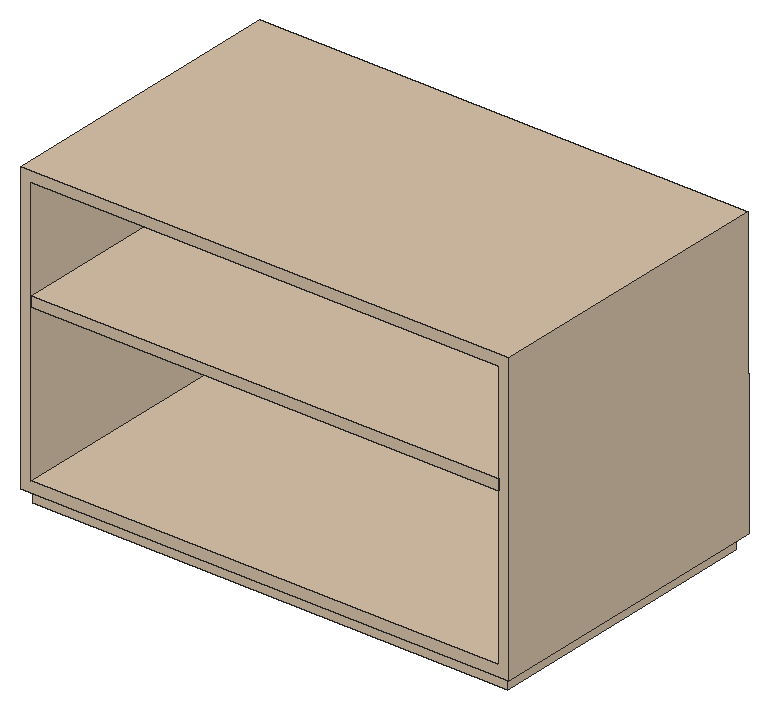
Revit family "Haworth_ComposeStorage_Open_Special", category Furniture Systems, Revit 2018
Family settings
  Round Connector Dimension = Use Diameter
  Part Type = Normal
  OmniClass Number = 23.40.70.14.64.21
  OmniClass Title = Systems Furniture
  Work Plane-Based = No
  Always vertical = Yes
  Cut with Voids When Loaded = No
  Shared = No
  Room Calculation Point = No
Parameters (values of type "1.5 High - 36w 24d")
  Width = 36"
  Warranty = "http://www.haworth.com/resources/product-info/warranties"
  URL - Product = "http://www.haworth.com/products/storage/cabinets-towers/compose"
  Top Spacer = no
  Sustainability Info = "http://media.haworth.com/asset/2999/Compose%20PEDS.pdf"
  Spacer Finish = Haworth _ Wood _ White Oak
  Side Panel Base = not(or(Plynth Base, Chamfer Legs))  # yes
  Plynth Base = no
  Model = "BZSN"  # constant formula
  Min. Depth = 17"  # constant formula
  Max. Depth = 23"  # constant formula
  Drawer Two Height = 8"  # constant formula
  Door Finish = Haworth _ Wood _ White Oak
  Description = "Haworth - Compose Storage Open - 22High - SPECIAL"  # constant formula
  Depth = 24"
  URL = "www.haworth.com"
  Size = "Verify Final Dim. w/ Haworth"  # constant formula
  Revision Number = "3"  # constant formula
  Min. Width = 30"  # constant formula
  Max. Width = 36"  # constant formula
  Min. Height = 19"  # constant formula
  Max. Height = 55"  # constant formula
  Manufacturer = "Haworth"  # constant formula
  Drawer Width = Actual Width  # 36"
  Drawer Height = 13"  # constant formula
  Custom Size = not(and(or(Width = 30", Width = 36"), or(Depth = 17", Depth = 24")))  # no
  Chamfer Legs = no
  Spacer Height = if(Top Spacer, 1 1/4", 0")  # 0"
  Cabinet Finish = Haworth _ Wood _ White Oak
  Base Height = if(Side Panel Base, 1", 1 1/4")  # 1"
  Base Finish = Haworth _ Wood _ White Oak
  Base = not(Chamfer Legs)  # yes
  Author = "Haworth (Hampton), SHAPE Environments, LLC"  # constant formula
  Assembly Code = "E2020200"
  Actual Width = if(Width > Max. Width, Max. Width, if(Width < Min. Width, Min. Width, Width))  # 36"
  Actual Height = if(Top Spacer, 22 1/4" + 1 1/4", 22 1/4")  # 22 1/4"
  Standard Widths = "30, 36 in."  # constant formula
  Standard Depths = "18, 24 in."  # constant formula
  Actual Depth = if(Depth > Max. Depth, Max. Depth, if(Depth < Min. Depth, Min. Depth, Depth))  # 23"
Types (4): name | Width | Depth | Drawer Width | Custom Size | Actual Width | Actual Depth
  1.5 High - 36w 24d | 36" | 24" | 36" | no | 36" | 23"
  1.5 High - 36w 18d | 36" | 18" | 36" | yes | 36" | 18"
  1.5 High - 30w 24d | 30" | 24" | 30" | no | 30" | 23"
  1.5 High - 30w 18d | 30" | 18" | 30" | yes | 30" | 18"
Reference planes (in)
  plane 1 "Center F/B": y = 2.5
  plane 2 "Unit Bottom": z = 1
  plane 3 "Center L/R": x = 0.00055
  plane 4 "Unit Top": z = 22.25
  plane 5 "Base Bottom": z = 0
  plane 6 "Unit Left Edge": x = -17.99945
  plane 7 "Right": x = 18.00055
  plane 8 "Base Right Edge": x = 17.50055
  plane 9 "Left": x = -17.49945
  plane 10 "Base Rear Edge": y = 13
  plane 11 "Back": y = 13.5
  plane 12 "Base Front Edge": y = -8
  plane 13 "Face of Cabinet": y = -8.5
  plane 14 "Left Interior": x = -17.24918
  plane 15 "Right Interior": x = 17.25027
  plane 16 "Back Panel Inside": y = 12.75
  plane 17 "Cabinet Interior Top": z = 21.5
  plane 18 "Cabinet Interior Bottom": z = 1.75
  plane 19: z = 22.25
  plane 20: y = -9.5
  plane 21 "Drawer Two Bottom": z = 14.125
  plane 22 "Drawer Two Top": z = 22.125
Forms (in)
  Extrusion 1, solid, material "Haworth _ Wood _ White Oak" <- "Base Finish", visible <- "Base"
    sketch origin (0, 0, 0) x (1, 0, 0) y (0, 1, 0)
      loop
        line (17.50055, 13) -> (-17.49945, 13) -> (-17.49945, -8) -> (17.50055, -8) -> (17.50055, 13)
    from 0 to 1
  Extrusion 2, solid, material "Haworth _ Wood _ White Oak" <- "Cabinet Finish"
    sketch origin (0, 0, 0) x (1, 0, 0) y (0, 1, 0)
      loop
        line (-17.24918, 13.5) -> (-17.24918, 12.75) -> (17.25027, 12.75) -> (17.25027, 13.5) -> (-17.24918, 13.5)
    from 1.75 to 21.5
  Extrusion 3, solid, material "Haworth _ Wood _ White Oak" <- "Cabinet Finish"
    sketch origin (0, 13.5, 0) x (1, 0, 0) y (0, 0, 1)
      loop
        line (-17.99945, 22.25) -> (-17.99945, 1) -> (18.00055, 1) -> (18.00055, 22.25) -> (-17.99945, 22.25)
      loop
        line (-17.24945, 21.5) -> (-17.24945, 1.75) -> (17.25027, 1.75) -> (17.25027, 21.5) -> (-17.24945, 21.5)
    from 0 to 22
  Extrusion 4, solid, material "Haworth _ Wood _ White Oak" <- "Spacer Finish", visible <- "Top Spacer"
    sketch origin (-14.065, -180, 22.25) x (-1, 0, 0) y (0, -1, 0)
      loop
        line (-31.56555, -193) -> (3.43445, -193) -> (3.43445, -172) -> (-31.56555, -172) -> (-31.56555, -193)
    from 0 to 1.25
Lines and regions (in)
  Masking region 1
    outline origin (0, 0, 0) x (1, 0, 0) y (0, 1, 0)
      loop
        line (-17.99945, 13.5) -> (-17.99945, -9.5) -> (18.00055, -9.5) -> (18.00055, 13.5) -> (-17.99945, 13.5)
  symbolic lines, style "Haworth"
    curve 1: line (18.00055, -8.5, 0) -> (-17.99945, -8.5, 0)
Dimensions and locks (in)
  equal spacing: plane 6 "Unit Left Edge", plane 3 "Center L/R", plane 7 "Right"
  "Actual Width": plane 6 "Unit Left Edge" to plane 7 "Right"
  equal spacing: plane 13 "Face of Cabinet", plane 1 "Center F/B", plane 11 "Back"
  "Actual Height": plane 19 to level
  Extrusion 3 to plane 7 "Right" = 0.75027"
  locked: plane 6 "Unit Left Edge" to Extrusion 3 at 0.75
  locked: plane 6 "Unit Left Edge" to plane 9 "Left" at 0.5
  locked: plane 8 "Base Right Edge" to plane 7 "Right" at 0.5
  locked: plane 13 "Face of Cabinet" to plane 12 "Base Front Edge" at 0.5
  locked: plane 6 "Unit Left Edge" to plane 14 "Left Interior" at 0.75027
  locked: plane 15 "Right Interior" to plane 7 "Right" at 0.75027
  locked: plane 18 "Cabinet Interior Bottom" to plane 2 "Unit Bottom" at 0.75
  locked: plane 11 "Back" to plane 16 "Back Panel Inside" at 0.75
  locked: plane 10 "Base Rear Edge" to plane 11 "Back" at 0.5
  "Base Height": plane 2 "Unit Bottom" to level
  "Spacer Height": plane 19 to plane 4 "Unit Top"
  locked: plane 4 "Unit Top" to plane 17 "Cabinet Interior Top" at 0.75
  "Drawer Height": nested 1 to plane 2 "Unit Bottom"
  "Actual Depth": plane 20 to plane 11 "Back"
  locked: plane 20 to plane 13 "Face of Cabinet" at 1
  "Drawer Two Height": plane 22 "Drawer Two Top" to plane 21 "Drawer Two Bottom"
  aligned: Extrusion 1 to level
  aligned: plane 4 "Unit Top" to Extrusion 3  (x3)
  aligned: level to Extrusion 1
  aligned: Extrusion 2 to Extrusion 3  (x4)
  aligned: Extrusion 3 to plane 11 "Back"  (x2)
  aligned and locked: Extrusion 2 to plane 11 "Back"  (x2)
  aligned and locked: Extrusion 1 to plane 10 "Base Rear Edge"
  aligned and locked: plane 9 "Left" to Extrusion 1
  aligned and locked: plane 8 "Base Right Edge" to Extrusion 1
  aligned: plane 7 "Right" to Extrusion 3
  aligned: plane 6 "Unit Left Edge" to Extrusion 3
  aligned: plane 13 "Face of Cabinet" to Extrusion 3  (x2)
  aligned and locked: plane 12 "Base Front Edge" to Extrusion 1
  aligned: plane 2 "Unit Bottom" to Extrusion 3
  aligned: Extrusion 1 to plane 5 "Base Bottom"  (x2)
  aligned: plane 2 "Unit Bottom" to Extrusion 1  (x2)
  aligned and locked: plane 15 "Right Interior" to Extrusion 2
  aligned and locked: plane 14 "Left Interior" to Extrusion 2
  aligned: Extrusion 3 to plane 2 "Unit Bottom"
  aligned and locked: plane 16 "Back Panel Inside" to Extrusion 2
  aligned: plane 17 "Cabinet Interior Top" to Extrusion 3
  aligned: plane 18 "Cabinet Interior Bottom" to Extrusion 3
  aligned and locked: plane 16 "Back Panel Inside" to nested 1
  aligned and locked: nested 1 to plane 13 "Face of Cabinet"
  aligned and locked: plane 13 "Face of Cabinet" to nested 1
  aligned and locked: level to plane 5 "Base Bottom"
  aligned and locked: nested 1 to plane 14 "Left Interior"
  aligned and locked: nested 1 to plane 15 "Right Interior"
  aligned and locked: plane 17 "Cabinet Interior Top" to Extrusion 3 sketch curve
  aligned and locked: plane 17 "Cabinet Interior Top" to Extrusion 2
  aligned and locked: plane 2 "Unit Bottom" to Extrusion 1
  aligned and locked: Extrusion 2 to plane 18 "Cabinet Interior Bottom"
  aligned and locked: plane 13 "Face of Cabinet" to Extrusion 3
  aligned and locked: plane 13 "Face of Cabinet" to nested 3
  aligned and locked: plane 6 "Unit Left Edge" to nested 3
  aligned and locked: plane 7 "Right" to nested 5
  aligned and locked: nested 5 to plane 13 "Face of Cabinet"
  aligned and locked: nested 2 to plane 6 "Unit Left Edge"
  aligned and locked: nested 4 to plane 7 "Right"
  aligned and locked: plane 11 "Back" to nested 2
  aligned and locked: nested 4 to plane 11 "Back"
  aligned and locked: curve 1 to plane 13 "Face of Cabinet"
  aligned and locked: Masking region 1 sketch curve to plane 20
  aligned and locked: plane 18 "Cabinet Interior Bottom" to Extrusion 3
  aligned and locked: Extrusion 3 to plane 6 "Unit Left Edge"
  aligned and locked: plane 15 "Right Interior" to Extrusion 3
  aligned and locked: plane 7 "Right" to Extrusion 3
  aligned and locked: plane 19 to Extrusion 3
  aligned and locked: Extrusion 3 to plane 2 "Unit Bottom"
  aligned and locked: Extrusion 1 to plane 5 "Base Bottom"
  aligned and locked: Extrusion 4 to plane 19
  aligned and locked: Extrusion 3 to plane 11 "Back"
  aligned and locked: plane 12 "Base Front Edge" to Extrusion 4
  aligned and locked: Extrusion 4 to plane 10 "Base Rear Edge"
Automatic sketch dimensions
  Extrusion 1 sketch curve to plane 9 "Left" = 0"
  Extrusion 1 sketch curve to plane 8 "Base Right Edge" = 0"
  plane 12 "Base Front Edge" to Extrusion 1 sketch curve = 0"
  plane 10 "Base Rear Edge" to Extrusion 1 sketch curve = 0"
  Extrusion 2 sketch curve to plane 14 "Left Interior" = 0"
  Extrusion 2 sketch curve to plane 11 "Back" = 0"
  Extrusion 2 sketch curve to plane 15 "Right Interior" = 0"
  Extrusion 2 sketch curve to plane 16 "Back Panel Inside" = 0"
  Extrusion 3 sketch curve to plane 2 "Unit Bottom" = 0"
  Extrusion 3 sketch curve to plane 6 "Unit Left Edge" = 0"
  plane 18 "Cabinet Interior Bottom" to Extrusion 3 sketch curve = 0"
  plane 4 "Unit Top" to Extrusion 3 sketch curve = 0"
  plane 14 "Left Interior" to Extrusion 3 sketch curve = 0.00027"
  Extrusion 3 sketch curve to plane 15 "Right Interior" = 0"
  plane 7 "Right" to Extrusion 3 sketch curve = 0"
  plane 8 "Base Right Edge" to Extrusion 4 sketch curve = 0"
  Extrusion 4 sketch curve to plane 9 "Left" = 0"
  Extrusion 4 sketch curve to plane 10 "Base Rear Edge" = 0"
  plane 12 "Base Front Edge" to Extrusion 4 sketch curve = 0"
  Masking region 1 sketch curve to plane 7 "Right" = 0"
  curve 1 to plane 6 "Unit Left Edge" = 0"
  curve 1 to plane 7 "Right" = 0"
  Masking region 1 sketch curve to plane 6 "Unit Left Edge" = 0"
  plane 11 "Back" to Masking region 1 sketch curve = 0"
Nested families (in)
  nested 1: "Haworth_Shelf" at (-8.24945, -2.125, 13.25), type "Haworth_Shelf"
    with Shelf Width 34.49945", Shelf Thickness 3/4", Shelf Depth 21 1/4"
  nested 2: "Haworth_Feet" at (-17.06195, 13.5, 0), visible <- "Chamfer Legs", type "Haworth_Feet"
  nested 3: "Haworth_Feet" at (-17.06195, -8.5, 0), visible <- "Chamfer Legs", type "Haworth_Feet"
  nested 4: "Haworth_Feet" at (17.06305, 13.5, 0) x (-1, 0, 0) z (0, 0, 1), visible <- "Chamfer Legs", type "Haworth_Feet"
  nested 5: "Haworth_Feet" at (17.06305, -8.5, 0) x (-1, 0, 0) z (0, 0, 1), visible <- "Chamfer Legs", type "Haworth_Feet"
Definition of nested family "Haworth_Shelf"
  Parameters
    Width = 0"
    Warranty = ""
    URL - Product = ""
    URL = "www.haworth.com"
    Sustainability Info = ""
    Size = "Verify Final Dim. w/ Haworth"  # constant formula
    Shelf Thickness [instance] = 3/4"
    Shelf Finish = none
    Revision Number = ""
    Shelf Width [instance] = 12"
    Shelf Depth [instance] = 12"
    OmniClass Number = ""
    Min/Max Width = ""
    Min/Max Height = ""
    Min. Width = 0"
    Max. Width = 0"
    Min. Height = 0"
    Max. Height = 0"
    Material Options = ""
    Manufacturer = "Haworth"  # constant formula
    LEED Data = ""
    Height = 0"
    Author = "SHAPE Environments, LLC"  # constant formula
    Assembly Code = ""
    Actual Width = 0"
    Actual Height = 0"
  Reference planes (in)
    plane 1 "Center F/B": y = 4.25
    plane 2: z = 0
    plane 3 "Center L/R": x = 8.25
    plane 4 "Panel Left": x = 2.25
    plane 5 "Panel Right": x = 14.25
    plane 6 "Panel Back": y = 10.25
    plane 7 "Panel Front": y = -1.75
    plane 8 "Panel Top": z = 0.75
  Forms (in)
    Extrusion 1, solid, material <- "Shelf Finish"
      sketch origin (0, 0, 0) x (1, 0, 0) y (0, 1, 0)
        loop
          line (2.25, 10.25) -> (2.25, -1.75) -> (14.25, -1.75) -> (14.25, 10.25) -> (2.25, 10.25)
      from 0 to 0.75
  Dimensions and locks (in)
    equal spacing: plane 6 "Panel Back", plane 1 "Center F/B", plane 7 "Panel Front"
    "Shelf Depth": plane 6 "Panel Back" to plane 7 "Panel Front"
    equal spacing: plane 4 "Panel Left", plane 3 "Center L/R", plane 5 "Panel Right"
    "Shelf Width": plane 4 "Panel Left" to plane 5 "Panel Right"
    "Shelf Thickness": plane 8 "Panel Top" to level
    aligned and locked: plane 4 "Panel Left" to Extrusion 1 sketch curve
    aligned and locked: Extrusion 1 sketch curve to plane 6 "Panel Back"
    aligned and locked: plane 7 "Panel Front" to Extrusion 1 sketch curve
    aligned and locked: Extrusion 1 sketch curve to plane 5 "Panel Right"
    aligned and locked: plane 8 "Panel Top" to Extrusion 1
Definition of nested family "Haworth_Feet"
  Parameters
    URL = "www.haworth.com"
    Sustainability Info = ""
    Material Options = ""
    Manufacturer = "Haworth"  # constant formula
    LEED Data = ""
    Foot Height = 1"
    Foot Finish = none
    Author = "SHAPE Environments, LLC"  # constant formula
    Assembly Code = ""
  Reference planes (in)
    plane 1 "Center F/B": y = 0
    plane 2: z = 0
    plane 3 "Center L/R": x = 0
    plane 4: z = 1
  Forms (in)
    Extrusion 1, solid, material <- "Foot Finish"
      sketch origin (-0.14373, 0, 0) x (0, 1, 0) y (0, 0, 1)
        loop
          line (-1.29167, 0.25) -> (-1.25, 0) -> (0, 0) -> (0, 1) -> (-3.75, 1) -> (-3.75, 0.5) -> (-1.54167, 0.5)
          arc (-1.54167, 0.5) -> (-1.36489, 0.42678) -> (-1.29167, 0.25) r 0.25
      from -0.79377 to 1.08123
  Dimensions and locks (in)
    "Foot Height": plane 4 to level
    plane 1 "Center F/B" to Extrusion 1 sketch curve = 3 3/4"
    locked: level to Extrusion 1 sketch curve (angle 80.5377°)
  Automatic sketch dimensions
    Extrusion 1 sketch curve to level = 0"
    Extrusion 1 sketch curve to plane 1 "Center F/B" = 0"
    plane 1 "Center F/B" to Extrusion 1 sketch curve = 1 1/4"
    Extrusion 1 sketch curve to Extrusion 1 sketch curve = 1/4"
    plane 4 to Extrusion 1 sketch curve = 0"
    plane 4 to Extrusion 1 sketch curve = 3/4"
